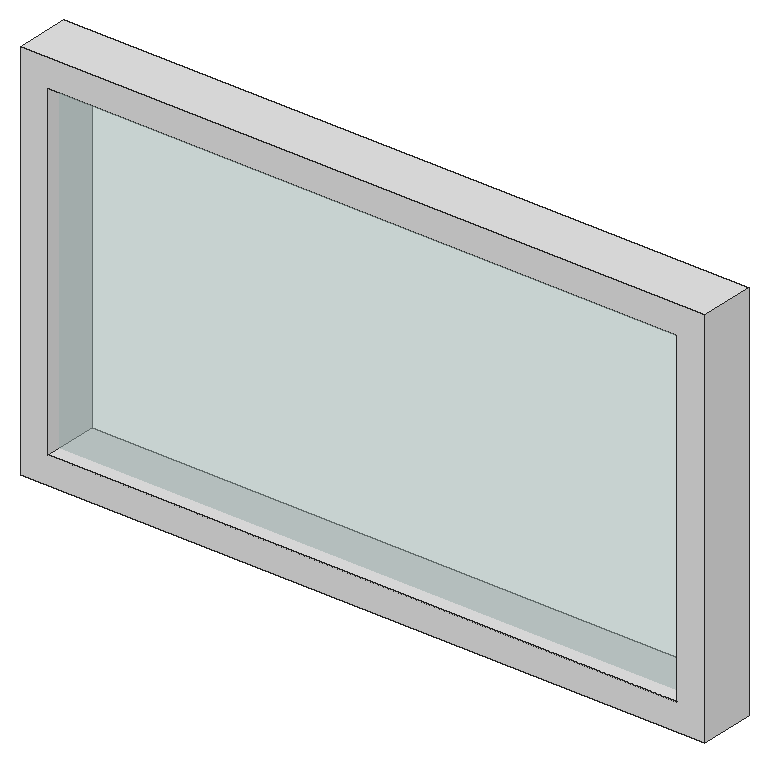
Revit family "CT_Janela_Externa_1Vid", category Windows, host Wall, Revit 2025
Family settings
  Host = Wall
  OmniClass Number = 23.30.20.00
  OmniClass Title = Windows
  Always vertical = Yes
  Cut with Voids When Loaded = No
  Shared = No
  Room Calculation Point = Yes
Parameters (values of type "JAN_FAC_1PA")
  Material_Vidro = CT_Vidros
  Material_Esquadria = CT_Aluminio
  Height [instance] = 0.700 m
  Espess_Esquadria = 0.050 m
  Define Thermal Properties by = Schematic Type
  Default Sill Height = 0.800 m
  Wall Closure = By host
  Width [instance] = 1.250 m
  Analytic Construction = "<None>"
Reference planes (m)
  plane 1 "Center (Front/Back)": y = 0
  plane 2 "Center (Left/Right)": x = 0
  plane 3 "Left": x = -0.625
  plane 4 "Right": x = 0.625
  plane 5 "Sill": z = 0.8
  plane 6 "Head": z = 1.5
  plane 7 "Exterior": y = 0.05
  plane 8 "Interior": y = -0.05
Forms (m)
  Extrusion 1, solid, material "CT_Aluminio" <- "Material_Esquadria"
    sketch origin (0, 0.05, 0) x (1, 0, 0) y (0, 0, 1)
      loop
        line (0.625, 1.5) -> (-0.625, 1.5) -> (-0.625, 0.8) -> (0.625, 0.8) -> (0.625, 1.5)
      loop
        line (0.575, 1.45) -> (-0.575, 1.45) -> (-0.575, 0.85) -> (0.575, 0.85) -> (0.575, 1.45)
    from 0 to 0.1
  Extrusion 2, solid, material "CT_Vidros" <- "Material_Vidro"
    sketch origin (0, 0.05, 0) x (1, 0, 0) y (0, 0, 1)
      loop
        line (0.6, 1.475) -> (-0.6, 1.475) -> (-0.6, 0.825) -> (0.6, 0.825) -> (0.6, 1.475)
    from 0.059773 to 0.074766
Lines and regions (m)
  Opening 1
    outline origin (3.5, -0.05, 0) x (1, 0, 0) y (0, 0, 1)
      loop
        line (-2.875, 0.8) -> (-2.875, 1.5) -> (-4.125, 1.5) -> (-4.125, 0.8) -> (-2.875, 0.8)
Text (m)
  text "EXTERIOR" at (-1.963203, 1.332353, 0), in view "Ref. Level"
  text "INTERIOR" at (-1.981466, -0.818386, 0), in view "Ref. Level"
  text "Exterior" at (0, 0.923751, 2.943296), in view "Right"
  text "Exterior" at (0, 1.040484, 2.685409), in view "Left"
Dimensions and locks (m)
  equal spacing: plane 3 "Left", plane 2 "Center (Left/Right)", plane 4 "Right"
  "Width": plane 3 "Left" to plane 4 "Right"
  "Height": plane 5 "Sill" to plane 6 "Head"
  "Default Sill Height": plane 5 "Sill" to level
  locked: plane 7 "Exterior" to host wall
  locked: plane 8 "Interior" to host wall
  "Espess_Esquadria": Extrusion 1 sketch curve to Extrusion 1 sketch curve  (x4)
  plane 5 "Sill" to Extrusion 1 sketch curve = 0.000 m
  locked: Extrusion 1 to Extrusion 2 at 0.025234
  locked: Extrusion 2 to Extrusion 2 at 0.014993
  Extrusion 1 to Extrusion 1 = 0.100 m
  aligned and locked: Extrusion 1 sketch curve to host wall  (x3)
  aligned and locked: plane 5 "Sill" to Extrusion 1
  aligned and locked: plane 8 "Interior" to Extrusion 1
  aligned and locked: host wall to Extrusion 1  (x2)
Automatic sketch dimensions
  Opening 1 sketch curve to plane 3 "Left" = 0.000 m
  Opening 1 sketch curve to plane 4 "Right" = 0.000 m
  Opening 1 sketch curve to plane 5 "Sill" = 0.000 m
  Opening 1 sketch curve to plane 6 "Head" = 0.000 m
  Extrusion 2 sketch curve to plane 3 "Left" = 0.025 m
  plane 4 "Right" to Extrusion 2 sketch curve = 0.025 m
  Extrusion 2 sketch curve to plane 5 "Sill" = 0.025 m
  plane 6 "Head" to Extrusion 2 sketch curve = 0.025 m
